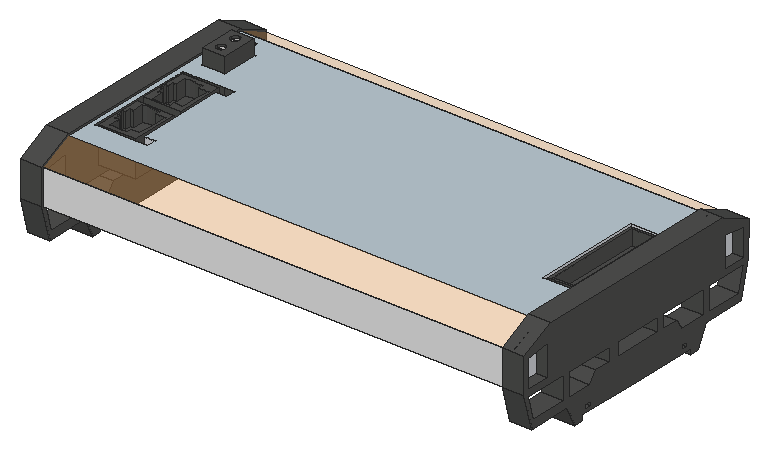
Revit family "3466A_NX_Network_Interface_Module", category Communication Devices, host Face, Revit 2014
Parameters
  White Element = Glass, White, High Luminance
  Warranty = "5-Years Warranty"  # constant formula
  Voltage = 24 V
  Type Comments = "NX Network Interface Module"  # constant formula
  Steel = Metal-Hubbell-Galvanized_Steel
  Product Page URL = "https://www.hubbell.com/hubbellcontrolsolutions/en/Products/Lighting-Controls/Lighting-Controls-Sensors/NX-Distributed-Intelligence-Lighting-Controls/NX-Network-Interface-Module/p/220942"
  URL = "https://www.hubbell.com/hubbellcontrolsolutions/en"
  Output Power = "24VDC power supplied to connected accessory modules"
  Model = "NX Dry Contact Module"  # constant formula
  Manufacturer = "Hubbell Control Solutions"  # constant formula
  Input Power = "24VDC, 800mA max current via HubbNET network cable"
  Green Element = Plastic - Hubbell - Green
  Features = "Allows connection of multiple accessory modules in series\r\n• Discovered as a control device and with visibility in the Area\r\nController GUI\r\n• Repeats communication signal to extend network length\r\n• Integral link indicators confirm network segment status\r\n• Ribbon cable connection to accessory modules provided\r\n• Power LED indicator confirms presence of accessory DC power\r\non HubbNET segment\r\n• DIN rail mounting in the NX Accessory Enclosure"
  Description = "It provides a simple way to incorporate standard dry contact inputs and outputs into the NX control "  # constant formula
  Default Elevation = 48.00"
  Create Date = "10/16/2018"
  Copyright = "Copyright © 2018 Hubbell Control Solutions"  # constant formula
  Contact Us = "https://www.hubbell.com/hubbellcontrolsolutions/en/contactUs?productId=2353174"
  Black Material = Paint - Hubbell - Black Matte Textured
  Assembly Code = "D5090"
  Apparent Load = 0 VA
Reference planes (in)
  plane 1 "Center (Front/Back)": y = 11.68155
  plane 2: z = 0
  plane 3 "Center (Left/Right)": x = 0
  plane 4: z = 2.21
  plane 5: x = -3.14
  plane 6: x = 3.14
  plane 7: y = 13.50155
  plane 8: y = 9.86155
  plane 9: z = 1.56
Forms (in)
  Extrusion 1, solid
    sketch origin (0, 0, 0) x (0, 1, 0) y (0, 0, 1)
      loop
        line (13.07788, 1.56) -> (10.28523, 1.56) -> (9.86155, 1.36244) -> (9.86155, 0.91005) -> (13.50155, 0.91005) -> (13.50155, 1.36244) -> (13.07788, 1.56)
    from 3.14 to -3.14
  Extrusion 2, void
    sketch origin (0, 0.0625, 0) x (1, 0, 0) y (0, 1, 0)
      loop
        line (2.63741, 12.3616) -> (2.63741, 10.92438) -> (3.06495, 10.92438) -> (3.06495, 12.3616) -> (2.63741, 12.3616)
    from 1.56 to 1.36244
  Extrusion 3, solid, material "Paint - Hubbell - Black Matte Textured" <- "Black Material"
    sketch origin (0, 0.0625, 0) x (1, 0, 0) y (0, 1, 0)
      loop
        line (2.66678, 12.32936) -> (2.66678, 10.96534) -> (3.02605, 10.96534) -> (3.02605, 12.32936) -> (2.66678, 12.32936)
      loop
        line (2.70257, 12.29427) -> (2.70257, 10.99354) -> (2.98857, 10.99354) -> (2.98857, 12.29427) -> (2.70257, 12.29427)
    from 1.56 to 1.36244
  Extrusion 4, void
    sketch origin (0.125, -0.3125, 0) x (-1, 0, 0) y (0, -1, 0)
      loop
        line (2.51241, -12.3616) -> (3.06495, -12.3616) -> (3.06495, -10.92438) -> (2.51241, -10.92438) -> (2.37394, -10.92438) -> (2.37394, -11.06112) -> (2.51241, -11.06112) -> (2.51241, -12.22486) -> (2.37394, -12.22486) -> (2.37394, -12.3616) -> (2.51241, -12.3616)
      loop
        line (2.99877, -13.09004) -> (2.99877, -12.59004) -> (2.69117, -12.59004) -> (2.69117, -13.09004) -> (2.99877, -13.09004)
    from 1.56 to 1.36244
  Extrusion 5, solid, material "Paint - Hubbell - Black Matte Textured" <- "Black Material"
    sketch origin (0, 0, 0) x (0, 1, 0) y (0, 0, 1)
      loop
        line (13.0935, 1.57562) -> (10.28523, 1.57562) -> (9.84593, 1.37077) -> (9.84593, 0.91005) -> (9.9652, 0.46494) -> (10.54605, 0.46494) -> (10.66994, 0.19926) -> (10.79494, 0.19926) -> (10.79494, 0.26756) -> (11.63955, 0.26756) -> (12.56817, 0.26756) -> (12.56817, 0.19926) -> (12.69317, 0.19926) -> (12.81706, 0.46494) -> (13.39791, 0.46494) -> (13.51718, 0.91005) -> (13.51718, 1.37806) -> (13.0935, 1.57562)
      loop
        line (10.23783, 1.35763) -> (9.91174, 1.312) -> (9.91174, 0.95262) -> (10.23783, 0.95262) -> (10.23783, 1.35763)
      loop
        line (13.12528, 1.35763) -> (13.12528, 0.95262) -> (13.45137, 0.95262) -> (13.45137, 1.312) -> (13.12528, 1.35763)
      loop
        line (13.45066, 0.87345) -> (12.86477, 0.87345) -> (12.86477, 0.56726) -> (13.36862, 0.56726) -> (13.45066, 0.87345)
      loop
        line (12.78626, 0.56726) -> (12.78626, 0.87345) -> (12.12026, 0.87345) -> (12.12026, 0.69692) -> (12.34363, 0.69692) -> (12.43442, 0.56726) -> (12.78626, 0.56726)
      loop
        line (12.03269, 0.87345) -> (11.38527, 0.87345) -> (11.38527, 0.69692) -> (12.03269, 0.69692) -> (12.03269, 0.87345)
      loop
        line (9.91245, 0.87345) -> (9.99449, 0.56726) -> (10.49834, 0.56726) -> (10.49834, 0.87345) -> (9.91245, 0.87345)
      loop
        line (10.57685, 0.56726) -> (10.92869, 0.56726) -> (11.01948, 0.69692) -> (11.24285, 0.69692) -> (11.24285, 0.87345) -> (10.57685, 0.87345) -> (10.57685, 0.56726)
      loop
        line (10.9421, 0.37202) -> (10.83376, 0.37202) -> (10.83376, 0.31383) -> (10.9421, 0.31383) -> (10.9421, 0.37202)
      loop
        line (12.51708, 0.37202) -> (12.43482, 0.37202) -> (12.43482, 0.31383) -> (12.51708, 0.31383) -> (12.51708, 0.37202)
    from 3.3 to 3.015
  Extrusion 6, solid, material "Paint - Hubbell - Black Matte Textured" <- "Black Material"
    sketch origin (0, 0, 0) x (0, 1, 0) y (0, 0, -1)
      loop
        line (13.0935, -1.57562) -> (13.51718, -1.37806) -> (13.51718, -0.91005) -> (13.39791, -0.46494) -> (12.81706, -0.46494) -> (12.69317, -0.19926) -> (12.56817, -0.19926) -> (12.56817, -0.26756) -> (11.63955, -0.26756) -> (10.79494, -0.26756) -> (10.79494, -0.19926) -> (10.66994, -0.19926) -> (10.54605, -0.46494) -> (9.9652, -0.46494) -> (9.84593, -0.91005) -> (9.84593, -1.37077) -> (10.28523, -1.57562) -> (13.0935, -1.57562)
      loop
        line (10.23783, -1.35763) -> (10.23783, -0.95262) -> (9.91174, -0.95262) -> (9.91174, -1.312) -> (10.23783, -1.35763)
      loop
        line (13.12528, -1.35763) -> (13.45137, -1.312) -> (13.45137, -0.95262) -> (13.12528, -0.95262) -> (13.12528, -1.35763)
      loop
        line (13.45066, -0.87345) -> (13.36862, -0.56726) -> (12.86477, -0.56726) -> (12.86477, -0.87345) -> (13.45066, -0.87345)
      loop
        line (12.78626, -0.56726) -> (12.43442, -0.56726) -> (12.34363, -0.69692) -> (12.12026, -0.69692) -> (12.12026, -0.87345) -> (12.78626, -0.87345) -> (12.78626, -0.56726)
      loop
        line (12.03269, -0.87345) -> (12.03269, -0.69692) -> (11.38527, -0.69692) -> (11.38527, -0.87345) -> (12.03269, -0.87345)
      loop
        line (9.91245, -0.87345) -> (10.49834, -0.87345) -> (10.49834, -0.56726) -> (9.99449, -0.56726) -> (9.91245, -0.87345)
      loop
        line (10.57685, -0.56726) -> (10.57685, -0.87345) -> (11.24285, -0.87345) -> (11.24285, -0.69692) -> (11.01948, -0.69692) -> (10.92869, -0.56726) -> (10.57685, -0.56726)
      loop
        line (10.9421, -0.37202) -> (10.9421, -0.31383) -> (10.83376, -0.31383) -> (10.83376, -0.37202) -> (10.9421, -0.37202)
      loop
        line (12.51708, -0.37202) -> (12.51708, -0.31383) -> (12.43482, -0.31383) -> (12.43482, -0.37202) -> (12.51708, -0.37202)
    from 3.3 to 3.015
  Extrusion 7, solid, material "Paint - Hubbell - Black Matte Textured" <- "Black Material"
    sketch origin (0, 0, 0) x (1, 0, 0) y (0, 1, 0)
      loop
        line (-2.91093, 12.01653) -> (-2.91093, 11.38479) -> (-2.43221, 11.38479) -> (-2.43221, 12.01653) -> (-2.91093, 12.01653)
      loop
        line (-2.89632, 11.68155) -> (-2.89632, 11.635) -> (-2.86492, 11.635) -> (-2.86492, 11.55897) -> (-2.82194, 11.55897) -> (-2.82194, 11.42012)
        arc (-2.82194, 11.42012) -> (-2.70707, 11.39895) -> (-2.59219, 11.42012) r 0.32222
        line (-2.59219, 11.42012) -> (-2.59219, 11.47467) -> (-2.46988, 11.47467) -> (-2.46988, 11.68155) -> (-2.46988, 11.88844) -> (-2.59219, 11.88844) -> (-2.59219, 11.94299)
        arc (-2.59219, 11.94299) -> (-2.70707, 11.96416) -> (-2.82194, 11.94299) r 0.32222
        line (-2.82194, 11.94299) -> (-2.82194, 11.80414) -> (-2.86492, 11.80414) -> (-2.86492, 11.72811) -> (-2.89632, 11.72811) -> (-2.89632, 11.68155)
      loop
        line (-2.91093, 10.64445) -> (-2.43221, 10.64445) -> (-2.43221, 11.27619) -> (-2.91093, 11.27619) -> (-2.91093, 10.64445)
      loop
        line (-2.89632, 10.97942) -> (-2.89632, 10.93287) -> (-2.86492, 10.93287) -> (-2.86492, 10.85684) -> (-2.82194, 10.85684) -> (-2.82194, 10.71799)
        arc (-2.82194, 10.71799) -> (-2.70707, 10.69682) -> (-2.59219, 10.71799) r 0.32222
        line (-2.59219, 10.71799) -> (-2.59219, 10.77254) -> (-2.46988, 10.77254) -> (-2.46988, 10.97942) -> (-2.46988, 11.18631) -> (-2.59219, 11.18631) -> (-2.59219, 11.24086)
        arc (-2.59219, 11.24086) -> (-2.70707, 11.26203) -> (-2.82194, 11.24086) r 0.32222
        line (-2.82194, 11.24086) -> (-2.82194, 11.10201) -> (-2.86492, 11.10201) -> (-2.86492, 11.02598) -> (-2.89632, 11.02598) -> (-2.89632, 10.97942)
    from 1.56 to 1.0886
  Extrusion 8, solid, material "Paint - Hubbell - Black Matte Textured" <- "Black Material"
    sketch origin (0, 0, 0) x (1, 0, 0) y (0, 1, 0)
      loop
        line (-2.86377, 12.76754) -> (-2.86377, 12.28754) -> (-2.57617, 12.28754) -> (-2.57617, 12.76754) -> (-2.86377, 12.76754)
    from 1.75751 to 1.36244
  Extrusion 9, void
    sketch origin (0, 0, 0) x (1, 0, 0) y (0, 1, 0)
      loop
        circle (-2.71997, 12.64148) r 0.05976
      loop
        circle (-2.71997, 12.41359) r 0.05976
    from 1.75751 to 1.73
  Extrusion 10, solid, material "Metal-Hubbell-Galvanized_Steel" <- "Steel"
    sketch origin (0, 0, 0) x (1, 0, 0) y (0, 1, 0)
      loop
        arc (-2.77944, 12.63562) -> (-2.71997, 12.58173) -> (-2.6605, 12.63562) r 0.05976
        line (-2.6605, 12.63562) -> (-2.77944, 12.63562)
      loop
        arc (-2.6605, 12.64734) -> (-2.71997, 12.70124) -> (-2.77944, 12.64734) r 0.05976
        line (-2.77944, 12.64734) -> (-2.6605, 12.64734)
      loop
        arc (-2.77944, 12.40773) -> (-2.71997, 12.35384) -> (-2.6605, 12.40773) r 0.05976
        line (-2.6605, 12.40773) -> (-2.77944, 12.40773)
      loop
        arc (-2.6605, 12.41945) -> (-2.71997, 12.47335) -> (-2.77944, 12.41945) r 0.05976
        line (-2.77944, 12.41945) -> (-2.6605, 12.41945)
    from 1.74 to 1.72
  Extrusion 11, void
    sketch origin (0, 0, 0) x (1, 0, 0) y (0, 1, 0)
      loop
        circle (-2.72593, 12.93624) r 0.03911
    from 1.57563 to 1.54334
Cuts and joins
  Extrusion 2, Extrusion 4, Extrusion 11 cuts Extrusion 1
  Extrusion 4 cuts Extrusion 3
  Extrusion 9 cuts Extrusion 8
Dimensions and locks (in)
  plane 4 to plane 2 = 2.21"
  aligned and locked: plane 2 to host face
  aligned and locked: level to host face
  aligned and locked: plane 6 to Extrusion 1
  aligned and locked: Extrusion 1 to plane 5
